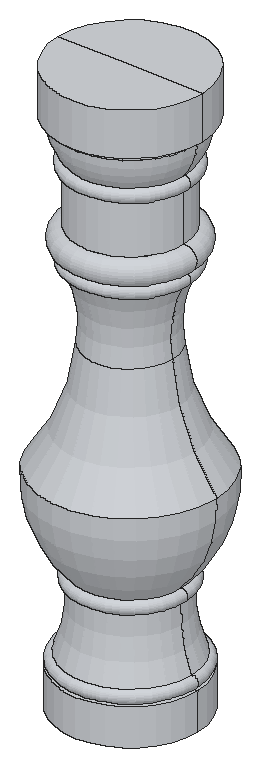
Revit family
Parameters (values of type "Balustrade R46")
  Width = 0' - 11 3/4"
  URL = "www.strombergarchitectural.com"
  Top Material = none
  Submittal Sheet = "www.strombergarchitectural.com/images/materials/gfrc/submittal/gfrc-submittal-sheet.pdf"
  Specifications = "www.strombergarchitectural.com/gfrcspecifications"
  Model Cut-sheet = "http://www.strombergarchitectural.com/products/balustrade/design/R46"
  Model = "Balustrade R46"
  Manufacturer = "Stromberg Architectural Products"
  Guidebook = "www.strombergarchitectural.com/images/materials/gfrc/handbooks/gfrc_guidebook.pdf   \r\n(http://www.strombergarchitectural.com/images/materials/gfrc/handbooks/gfrc_guidebook.pdf"
  Description = "GFRC Baluster"
  Assembly Code = ""
  Height = 3' - 10 5/8"
  XXX.5 = no
  XXX.4 = no
  XXX.3 = no
  XXX.2 = no
  XXX.1 = yes
Reference planes (in)
  plane 1 "Center (Front/Back)": y = 3.74847
  plane 2: z = 0
  plane 3 "Center (Left/Right)": x = 0.7278
  plane 4 "Front": y = -3.25153
  plane 5 "Back": y = 10.74847
Forms (in)
  Revolve 1, solid
    sketch origin (0, 3.74847, 0) x (1, 0, 0) y (0, 0, 1)
      loop
        line (-5.1472, 43.125) -> (-4.6472, 43.125) -> (-4.6472, 42.69753)
        arc (-4.6472, 42.69753) -> (-4.35593, 41.33012) -> (-3.6472, 40.125) r 4.36403
        arc (-3.6472, 40.125) -> (-4.1472, 39.625) -> (-3.6472, 39.125) r 0.5
        line (-3.6472, 39.125) -> (-3.6472, 35.125)
        arc (-3.6472, 35.125) -> (-4.6472, 34.125) -> (-3.6472, 33.125) r 1
        arc (-3.6472, 33.125) -> (-4.1472, 32.625) -> (-3.6472, 32.125) r 0.5
        arc (-3.6472, 32.125) -> (-2.68579, 29.35784) -> (-2.72088, 26.42863) r 8.5
        arc (-2.72088, 26.42863) -> (-3.83219, 21.70007) -> (-6.2722, 17.5) r 16.5
        arc (-6.2722, 17.5) -> (-5.64069, 13.44104) -> (-3.3972, 10) r 9.77434
        arc (-3.3972, 10) -> (-3.89719, 9.50262) -> (-3.40244, 9.00003) r 0.5
        arc (-3.40244, 9.00003) -> (-3.53069, 6.44667) -> (-4.2722, 4) r 10.5
        arc (-4.2722, 4) -> (-4.7722, 3.5) -> (-4.2722, 3) r 0.5
        line (-4.2722, 3) -> (-4.7722, 3) -> (-4.7722, 0) -> (0.7278, 0) -> (0.7278, 46.625) -> (-5.1472, 46.625) -> (-5.1472, 43.125)
      axis (0.7278, 46.625) -> (0.7278, 0)
    angle from 0 to 360
Dimensions and locks (in)
  aligned and locked: level to plane 2
